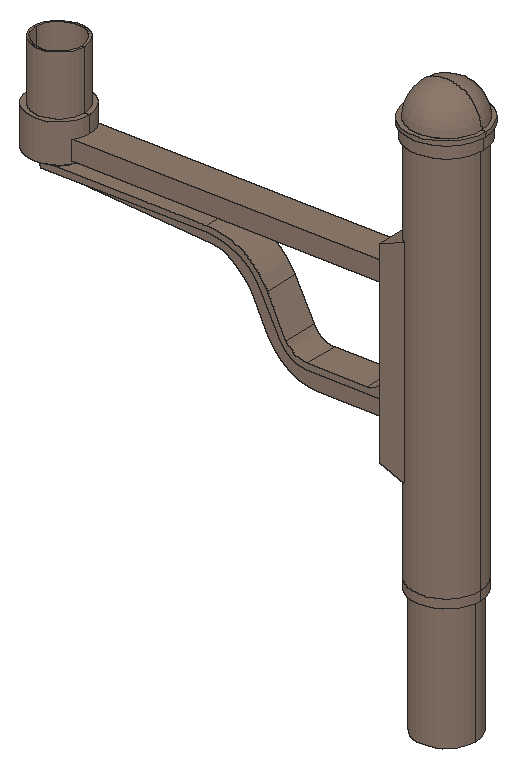
Revit family "PA621", category Generic Models, Revit 2014
Parameters
  TOP CAP = Bronze, Architectural
  TENON = Bronze, Architectural
  OUTLET = Bronze, Architectural
  BODY = Bronze, Architectural
  ARM = Bronze, Architectural
Reference planes (in)
  plane 1 "Center (Front/Back)": y = 0
  plane 2: z = 0
  plane 3 "Center (Left/Right)": x = 0
Forms (in)
  Revolve 1, solid, material "Bronze, Architectural" <- "TENON"
    sketch origin (0, 0, 0) x (1, 0, 0) y (0, 0, 1)
      loop
        line (-2, 8) -> (-2, 7.5) -> (-1.75, 7.5) -> (-1.75, 0) -> (0, 0) -> (0, 8) -> (-2, 8)
      axis (0, 8) -> (0, 0)
    angle from 0 to 360
  Revolve 2, solid, material "Bronze, Architectural" <- "TOP CAP"
    sketch origin (0, 0, 0.25) x (1, 0, 0) y (0, 0, 1)
      loop
        arc (0, 34) -> (-1.43648, 33.41789) -> (-2.0625, 32) r 2.06348
        line (-2.0625, 32) -> (-2.3125, 32) -> (-2.3125, 31.75) -> (-2.1875, 31.75) -> (-2.1875, 31) -> (0, 31) -> (0, 34)
      axis (0, 34) -> (0, 31)
    angle from 0 to 360
  Revolve 3, solid, material "Bronze, Architectural" <- "BODY"
    sketch origin (0, 0, 0) x (1, 0, 0) y (0, 0, 1)
      loop
        line (-2, 8) -> (0, 8) -> (0, 32) -> (-2, 32) -> (-2, 8)
      axis (0, 32) -> (0, 8)
    angle from 0 to 360
  Extrusion 4, solid, material "Bronze, Architectural" <- "ARM"
    sketch origin (0, 0, 0) x (1, 0, 0) y (0, 0, 1)
      loop
        line (-2.61093, 25.35077) -> (-2.61093, 13.85077) -> (0, 12.80639) -> (0, 26.41919) -> (-2.61093, 25.35077)
    from -1.625 to 1.625
  Revolve 5, solid, material "Bronze, Architectural" <- "ARM"
    sketch origin (0, 0, 0) x (1, 0, 0) y (0, 0, 1)
      loop
        line (-22.73593, 24.97577) -> (-24.53593, 24.97577) -> (-24.53593, 22.72577) -> (-22.73593, 22.72577) -> (-22.73593, 24.97577)
      axis (-22.73593, 24.97577) -> (-22.73593, 22.72577)
    angle from 0 to 360
  Revolve 6, solid, material "Bronze, Architectural" <- "ARM"
    sketch origin (0, 0, 0) x (1, 0, 0) y (0, 0, 1)
      loop
        line (-24.09843, 22.72577) -> (-23.82968, 22.28827) -> (-22.73593, 22.28827) -> (-22.73593, 22.72577) -> (-24.09843, 22.72577)
      axis (-22.73593, 22.72577) -> (-22.73593, 22.28827)
    angle from 0 to 360
  Extrusion 7, solid, material "Bronze, Architectural" <- "ARM"
    sketch origin (0, 0, 0) x (1, 0, 0) y (0, 0, 1)
      loop
        line (-3.11093, 24.03827) -> (-21.23864, 24.03827) -> (-21.23864, 22.91327) -> (-20.81093, 22.91327) -> (-20.73864, 22.91327) -> (-3.11093, 22.91327) -> (-2.52646, 22.91327) -> (-2.52646, 24.03827) -> (-3.11093, 24.03827)
    from -1 to 1
  Extrusion 8, solid, material "Bronze, Architectural" <- "ARM"
    sketch origin (0, 0, 0) x (1, 0, 0) y (0, 0, 1)
      loop
        line (-2.61093, 19.10077) -> (-2.86093, 18.85077) -> (-2.86093, 18.12577)
        arc (-2.86093, 18.12577) -> (-3.15382, 17.41866) -> (-3.86093, 17.12577) r 1
        line (-3.86093, 17.12577) -> (-7.36738, 17.12577)
        arc (-7.36738, 17.12577) -> (-8.09026, 17.33112) -> (-8.59722, 17.88585) r 1.375
        line (-8.59722, 17.88585) -> (-9.69286, 20.07712)
        arc (-9.69286, 20.07712) -> (-11.16764, 21.69087) -> (-13.27057, 22.28827) r 4
        line (-13.27057, 22.28827) -> (-23.11093, 22.28827) -> (-22.98593, 21.93827) -> (-13.27057, 21.93827)
        arc (-13.27057, 21.93827) -> (-11.35165, 21.39314) -> (-10.00591, 19.9206) r 3.65
        line (-10.00591, 19.9206) -> (-8.91027, 17.72932)
        arc (-8.91027, 17.72932) -> (-8.27427, 17.03339) -> (-7.36738, 16.77577) r 1.725
        line (-7.36738, 16.77577) -> (-2.61093, 16.77577) -> (-2.61093, 19.10077)
    from -1 to 1
  Extrusion 9, solid, material "Bronze, Architectural" <- "ARM"
    sketch origin (0, 0, 0) x (1, 0, 0) y (0, 0, 1)
      loop
        line (-2.61093, 16.77577) -> (-7.36738, 16.77577)
        arc (-7.36738, 16.77577) -> (-8.27427, 17.03339) -> (-8.91027, 17.72932) r 1.725
        line (-8.91027, 17.72932) -> (-10.00591, 19.9206)
        arc (-10.00591, 19.9206) -> (-11.35165, 21.39314) -> (-13.27057, 21.93827) r 3.65
        line (-13.27057, 21.93827) -> (-22.73593, 21.93827)
        arc (-22.73593, 21.93827) -> (-22.61309, 21.57749) -> (-22.29971, 21.36061) r 0.60829
        line (-22.29971, 21.36061) -> (-13.60941, 20.80975)
        arc (-13.60941, 20.80975) -> (-13.1857, 20.73587) -> (-12.78708, 20.57436) r 2.02939
        arc (-12.78708, 20.57436) -> (-11.99585, 19.99804) -> (-11.39227, 19.22742) r 3.54732
        line (-11.39227, 19.22742) -> (-10.29663, 17.03614)
        arc (-10.29663, 17.03614) -> (-9.08915, 15.71489) -> (-7.36738, 15.22577) r 3.275
        line (-7.36738, 15.22577) -> (-2.61093, 15.22577) -> (-2.61093, 16.77577)
    from -0.125 to 0.125
  Revolve 10, solid, material "Bronze, Architectural" <- "OUTLET"
    sketch origin (0, 0, 0) x (1, 0, 0) y (0, 0, 1)
      loop
        line (-22.73593, 28.47577) -> (-24.23593, 28.47577) -> (-24.23593, 24.97577) -> (-22.73593, 24.97577) -> (-22.73593, 28.47577)
      axis (-22.73593, 24.97577) -> (-22.73593, 28.47577)
    angle from 0 to 360
  Revolve 11, void
    sketch origin (0, 0, 0) x (1, 0, 0) y (0, 0, 1)
      loop
        line (-22.73593, 22.9044) -> (-22.73593, 28.47577) -> (-24.11093, 28.47577) -> (-24.11093, 22.9044) -> (-22.73593, 22.9044)
      axis (-22.73593, 28.47577) -> (-22.73593, 22.9044)
    angle from 0 to 360
  Revolve 12, void
    sketch origin (0, 0, 0) x (1, 0, 0) y (0, 0, 1)
      loop
        line (-1.3125, 0) -> (0, 0) -> (0, 8) -> (-1.3125, 8) -> (-1.3125, 0)
      axis (0, 8) -> (0, 0)
    angle from 0 to 360
Cuts and joins
  Revolve 11 cuts Revolve 5
  Revolve 11 cuts Revolve 10
  Revolve 12 cuts Revolve 1
  Revolve 12 cuts Revolve 3
Dimensions and locks (in)
  aligned and locked: plane 2 to level
